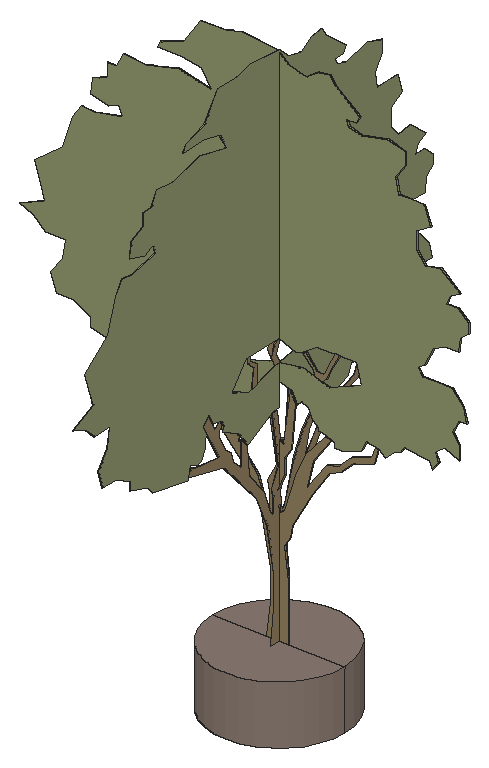
Revit family "L-PLT_아왜나무", category 수목, Revit 2019
Family settings
  OmniClass 번호 = 23.40.05.00
  OmniClass 제목 = Plants and Planting Products
  작업 기준면 기반 = 아니오
  항상 수직 = 예
  로드될 때 보이드를 사용하여 절단 = 아니오
  렌더 모양 소스 = 패밀리 형상
  공유 = 아니오
Parameters (values of type "아왜나무 3.0H X 1.5W")
  한국산업규격KS = ""
  콘 높이 = 뿌리분 직경 / 4  # 272.5 mm
  조달청표준공사코드-세부공종 = "10161599202815"
  뿌리분 직경 = (24 mm + ((R / 10) - 3 mm) * 5) * 10  # 1090 mm
  뿌리분 높이 = 뿌리분 직경 / 2  # 545 mm
  높이 = 3000 mm
  건설정보분류체계-부위분류 = "E985"
  R = 200 mm
  LIM_INFO_주의사항 = "재배포, 재가공, 판매 금지"
  LIM_INFO_제작일 = "20211210"
  LIM_INFO_버전 = "2022_V01"
  LIM_INFO_PL_학명 = "Viburnum odoratissimum var. awabuki Zabel"
  LIM_INFO_PL_품명 = "아왜나무"
  LIM_INFO_PL_주당인정수량 = 0
  LIM_INFO_PL_수목단위 = "주"
  LIM_INFO_PL_규격 = "3.0H X 1.5W"
  LIM_INFO_PL_구분 = "상록교목"
  LIM_INFO_PL_가격 = 0
  LIM_INFO_PL_Qty [instance] = 0
  LIM_INFO_PL_M2당수량 = 0
  KBIMS_식별-버전 = ""
  KBIMS_식별-bSK등록번호 = ""
  KBIMS_보급정보-저작자 = "림인포테크_MMJ"
  KBIMS_보급정보-보급코드 = ""
  H = 높이  # 3000 mm
Types (3, lengths in mm): name | 높이 | LIM_INFO_PL_규격 | H
  아왜나무 3.0H X 1.5W | 3000 | "3.0H X 1.5W" | 3000
  아왜나무 2.0H X 1.0W | 2000 | "2.0H X 1.0W" | 2000
  아왜나무 1.5H X 0.8W | 1500 | "1.5H X 0.8W" | 1500
Reference planes
  plane 1 "중심(앞/뒤)": y = 0
  plane 2: z = 0
  plane 3 "중심(왼쪽/오른쪽)": x = 0
  plane 4: x = 482.5
  plane 5: x = -607.5
  plane 6: z = -545
  plane 7: z = -817.5
  plane 8: z = 3000
  plane 9: x = -100
  plane 10: x = 100
Forms (mm)
  Revolve 1, solid, material "흙"
    sketch origin (0, 0, 0) x (1, 0, 0) y (0, 0, 1)
      loop
        line (0, 0) -> (-607.5, 0) -> (-607.5, -545) -> (0, -545) -> (0, 0)
      axis (0, 0) -> (0, -545)
    angle from 0 to 360
  Revolve 2, solid, material "흙"
    sketch origin (0, 0, 0) x (1, 0, 0) y (0, 0, 1)
      loop
        line (0, -545) -> (-607.5, -545) -> (0, -817.5) -> (0, -545)
      axis (0, -545) -> (0, -817.5)
    angle from 0 to 360
Dimensions and locks
  "뿌리분 직경": plane 4 to plane 5
  "뿌리분 높이": plane 6 to level
  "콘 높이": plane 7 to plane 6
  "H": level to plane 8
  "R": plane 9 to plane 10
  aligned and locked: level to plane 2
Automatic sketch dimensions
  Revolve 1 sketch curve to level = 0 mm  (x2)
  Revolve 1 sketch curve to plane 5 = 0 mm
  Revolve 1 sketch curve to plane 3 "중심(왼쪽/오른쪽)" = 0 mm  (x2)
  Revolve 1 sketch curve to plane 6 = 0 mm  (x2)
  Revolve 2 sketch curve to plane 5 = 0 mm
  Revolve 2 sketch curve to plane 3 "중심(왼쪽/오른쪽)" = 0 mm  (x2)
  Revolve 2 sketch curve to plane 7 = 0 mm  (x2)
  Revolve 2 sketch curve to plane 6 = 0 mm  (x2)
Nested families
  nested 1: "아왜나무_base" at (0, 0, 0), type "아왜나무_base"
Definition of nested family "아왜나무_base"
  Parameters (values of type "아왜나무_base")
    Height = 6000 mm
  Reference planes
    plane 1 "중심(앞/뒤)": y = 0
    plane 2: z = 0
    plane 3 "중심(왼쪽/오른쪽)": x = 0
  Forms (mm)
    Revolve 1, solid, detail levels coarse
      sketch origin (0, 0, 0) x (1, 0, 0) y (0, 0, 1)
        loop
          line (0, 0) -> (0, 4859.637)
          spline (0, 4859.637) -> (-612.549, 4741.539) -> (-975.679, 4502.403) -> (-1293.056, 4285.929) -> (-1570.917, 4086.591) -> (-1757.982, 3854.243) -> (-1869.968, 3576.01) -> (-1966.021, 3263.18) -> (-2076.27, 2930.001) -> (-2126.045, 2599.704) -> (-2017.649, 2297.173) -> (-1654.077, 2041.4) -> (-938.919, 1846.248)
          line (-938.919, 1846.248) -> (-100, 1846.248) -> (-100, 0) -> (0, 0)
        axis (0, 4859.637) -> (0, 0)
      angle from 0 to 360
    Extrusion 2, solid, detail levels fine
      sketch origin (0, 0, 0) x (1, 0, 0) y (0, 0, 1)
        loop
          line (-300.028, 2370.094) -> (-319.682, 2221.267) -> (-322.532, 2206.439) -> (-274.48, 2221.832) -> (-266.294, 2389.301) -> (-350.538, 2450.518) -> (-350.538, 2484.034) -> (-369.991, 2484.034) -> (-369.991, 2438.452) -> (-300.028, 2370.094)
        loop
          line (219.509, 2447.903) -> (324.046, 2341.368) -> (335.432, 2294.824) -> (400.638, 2275.172) -> (446.179, 2310.339) -> (477.23, 2385.844) -> (565.558, 2541.622) -> (526.491, 2541.622) -> (449.284, 2402.393) -> (424.444, 2335.163) -> (358.202, 2335.163) -> (251.594, 2466.521) -> (219.509, 2447.903)
        loop
          line (-49.985, 2378.137) -> (-9.962, 2484.376) -> (-58.74, 2484.376) -> (-98.324, 2368.489) -> (-59.157, 2286.898) -> (-3.418, 2294.863) -> (-49.985, 2378.137)
        loop
          line (-640.56, 1848.967) -> (-709.506, 1981.207) -> (-709.506, 2025.657) -> (-667.249, 2061.218) -> (-697.273, 2100.112) -> (-750.65, 2053.439) -> (-821.82, 2194.569) -> (-879.645, 2143.451) -> (-707.286, 1809.61) -> (-837.392, 1827.391) -> (-984.179, 1846.282) -> (-1031.995, 1867.396) -> (-1050.9, 1797.387) -> (-651.685, 1704.041) -> (-265.665, 1280.039) -> (-150.015, 1003.336) -> (-73.28, 578.048) -> (-73.28, 299.122) -> (-107.574, 0) -> (92.845, 0) -> (92.845, 515.807) -> (61.753, 806.518) -> (112.352, 887.421) -> (129.022, 991.371) -> (312.521, 1310.91) -> (473.813, 1542.55) -> (585.992, 1600.02) -> (698.17, 1703.608) -> (883.579, 1767.162) -> (918.17, 1894.648) -> (888.775, 1898.815) -> (853.593, 1807.403) -> (676.273, 1745.524) -> (568.614, 1648.487) -> (442.451, 1595.403) -> (266.538, 1361.247) -> (320.716, 1587.273) -> (488.185, 1815.1) -> (436.115, 1831.273) -> (252.853, 1615.818) -> (163.393, 1440.597) -> (55.327, 1092.98) -> (11.699, 1057.207) -> (-3.919, 1233.884) -> (58.504, 1387.383) -> (58.504, 1522.006) -> (118.088, 1613.313) -> (158.121, 2004.476) -> (108.08, 2093.377) -> (52.479, 1635.538) -> (-4.234, 1668.876) -> (-38.706, 1903.352) -> (-89.859, 1903.352) -> (-19.785, 1438.077) -> (-97.626, 1286.946) -> (-78.722, 1203.602) -> (-78.722, 1060.249) -> (-118.754, 1108.034) -> (-187.746, 1305.189) -> (-367.004, 1512.256) -> (-389.244, 1773.402) -> (-444.845, 1838.966) -> (-444.845, 1612.269) -> (-541.591, 1708.949) -> (-569.391, 1794.516) -> (-640.56, 1848.967)
      from 0 to 5
    Extrusion 3, solid, detail levels fine
      sketch origin (0, 0, 0) x (1, 0, 0) y (0, 0, 1)
        loop
          line (716.538, 2546.686) -> (354.226, 2546.686) -> (213.739, 2455.4) -> (158.937, 2433.702) -> (-0.378, 2492.762) -> (-401.234, 2492.762) -> (-563.118, 2289.903) -> (-357.551, 2189.757) -> (-77.466, 2277.064) -> (218.037, 2323.285) -> (474.996, 2246.25) -> (767.93, 2369.506) -> (716.538, 2546.686)
        loop
          line (1502.548, 2637.706) -> (1321.556, 2637.706) -> (1282.945, 2705.23) -> (1345.689, 2738.992) -> (1427.738, 2900.567) -> (1529.094, 2956.033) -> (1656.053, 2956.033) -> (1672.75, 3075.942) -> (1748.645, 3139.65) -> (1748.645, 3230.663) -> (1651.499, 3314.09) -> (1546.764, 3314.09) -> (1577.122, 3389.934) -> (1671.506, 3441.269) -> (1492.845, 3586.236) -> (1355.414, 3558.768) -> (1271.428, 3664.06) -> (1271.428, 3819.709) -> (1398.31, 3897.119) -> (1341.811, 4058.872) -> (1212.015, 4058.872) -> (1105.124, 4058.872) -> (1077.638, 4193.157) -> (1167.731, 4315.234) -> (1167.731, 4429.682) -> (1005.868, 4476.987) -> (763.073, 4425.104) -> (645.493, 4457.149) -> (628.696, 4507.506) -> (714.209, 4507.506) -> (749.33, 4570.071) -> (526.082, 4746.102) -> (471.11, 4820.874) -> (365.746, 4802.563) -> (249.693, 4727.79) -> (93.938, 4767.465) -> (-7.056, 4860.256) -> (-335.803, 4889.068) -> (-488.302, 4850.998) -> (-713.148, 4850.998) -> (-872.413, 4616.944) -> (-1083.206, 4551.409) -> (-1111.312, 4497.577) -> (-874.756, 4497.577) -> (-701.437, 4467.15) -> (-610.093, 4315.015) -> (-919.256, 4385.231) -> (-1219.255, 4306.493) -> (-1417.556, 4327.791) -> (-1481.494, 4205.558) -> (-1570.451, 4205.558) -> (-1570.451, 4089.808) -> (-1708.52, 4029.618) -> (-1724.437, 3891.17) -> (-1558.569, 3849.5) -> (-1463.125, 3891.17) -> (-1431.619, 3810.608) -> (-1692.931, 3753.196) -> (-1808.761, 3763.382) -> (-1884.745, 3650.41) -> (-1976.725, 3368.36) -> (-2239.831, 3167.02) -> (-2185.313, 2998.843) -> (-2142.648, 2868.564) -> (-2372.569, 2766.71) -> (-2244.345, 2713.386) -> (-2132.939, 2611.532) -> (-1952.795, 2611.532) -> (-1981.239, 2445.723) -> (-2087.903, 2303.601) -> (-2040.497, 2147.267) -> (-1876.945, 2147.267) -> (-1720.504, 2059.625) -> (-1720.504, 1981.458) -> (-1521.397, 1922.24) -> (-1459.497, 1852.929) -> (-1063.653, 1781.868) -> (-1035.21, 1895.565) -> (-963.444, 1856.073) -> (-917.766, 1874.704) -> (-863.699, 1956.681) -> (-863.699, 2029.343) -> (-850.648, 2063.81) -> (-887.004, 2145.787) -> (-818.021, 2212.859) -> (-765.818, 2118.772) -> (-686.582, 2107.594) -> (-639.04, 2046.111) -> (-656.752, 2001.396) -> (-481.124, 1907.162) -> (-376.205, 1776.102) -> (-92.445, 1921.46) -> (-20.909, 1921.46) -> (-20.909, 2150.218) -> (134.086, 2102.56) -> (177.007, 2002.478) -> (215.077, 2044.427) -> (280.722, 2017.25) -> (309.793, 1924.473) -> (367.936, 1879.49) -> (367.936, 1854.187) -> (431.705, 1842.941) -> (514.23, 1812.015) -> (514.23, 1767.033) -> (582.686, 1767.033) -> (767.722, 1834.695) -> (811.348, 1923.392) -> (922.67, 1903.848) -> (988.862, 1855.742) -> (1058.062, 1914.372) -> (1130.271, 1954.961) -> (1160.358, 1997.055) -> (1392.029, 1971.498) -> (1416.099, 1906.855) -> (1473.264, 1980.518) -> (1440.168, 2058.691) -> (1528.925, 2123.334) -> (1664.234, 2066.163) -> (1664.234, 2189.153) -> (1601.49, 2283.204) -> (1664.234, 2389.314) -> (1731.804, 2389.314) -> (1700.432, 2519.539) -> (1599.077, 2637.706) -> (1502.548, 2637.706)
      from 0 to 5
    Extrusion 4, solid, detail levels fine
      sketch origin (0.538, 9.462, 0) x (0, 1, 0) y (0, 0, 1)
        loop
          line (-300.028, 2370.094) -> (-319.682, 2221.267) -> (-322.532, 2206.439) -> (-274.48, 2221.832) -> (-266.294, 2389.301) -> (-350.538, 2450.518) -> (-350.538, 2484.034) -> (-369.991, 2484.034) -> (-369.991, 2438.452) -> (-300.028, 2370.094)
        loop
          line (219.509, 2447.903) -> (324.046, 2341.368) -> (335.432, 2294.824) -> (400.638, 2275.172) -> (446.179, 2310.339) -> (477.23, 2385.844) -> (565.558, 2541.622) -> (526.491, 2541.622) -> (449.284, 2402.393) -> (424.444, 2335.163) -> (358.202, 2335.163) -> (251.594, 2466.521) -> (219.509, 2447.903)
        loop
          line (-49.985, 2378.137) -> (-9.962, 2484.376) -> (-58.74, 2484.376) -> (-98.324, 2368.489) -> (-59.157, 2286.898) -> (-3.418, 2294.863) -> (-49.985, 2378.137)
        loop
          line (-640.56, 1848.967) -> (-709.506, 1981.207) -> (-709.506, 2025.657) -> (-667.249, 2061.218) -> (-697.273, 2100.112) -> (-750.65, 2053.439) -> (-821.82, 2194.569) -> (-879.645, 2143.451) -> (-707.286, 1809.61) -> (-837.392, 1827.391) -> (-984.179, 1846.282) -> (-1031.995, 1867.396) -> (-1050.9, 1797.387) -> (-651.685, 1704.041) -> (-265.665, 1280.039) -> (-150.015, 1003.336) -> (-73.28, 578.048) -> (-73.28, 299.122) -> (-107.574, 0) -> (92.845, 0) -> (92.845, 515.807) -> (61.753, 806.518) -> (112.352, 887.421) -> (129.022, 991.371) -> (312.521, 1310.91) -> (473.813, 1542.55) -> (585.992, 1600.02) -> (698.17, 1703.608) -> (883.579, 1767.162) -> (918.17, 1894.648) -> (888.775, 1898.815) -> (853.593, 1807.403) -> (676.273, 1745.524) -> (568.614, 1648.487) -> (442.451, 1595.403) -> (266.538, 1361.247) -> (320.716, 1587.273) -> (488.185, 1815.1) -> (436.115, 1831.273) -> (252.853, 1615.818) -> (163.393, 1440.597) -> (55.327, 1092.98) -> (11.699, 1057.207) -> (-3.919, 1233.884) -> (58.504, 1387.383) -> (58.504, 1522.006) -> (118.088, 1613.313) -> (158.121, 2004.476) -> (108.08, 2093.377) -> (52.479, 1635.538) -> (-4.234, 1668.876) -> (-38.706, 1903.352) -> (-89.859, 1903.352) -> (-19.785, 1438.077) -> (-97.626, 1286.946) -> (-78.722, 1203.602) -> (-78.722, 1060.249) -> (-118.754, 1108.034) -> (-187.746, 1305.189) -> (-367.004, 1512.256) -> (-389.244, 1773.402) -> (-444.845, 1838.966) -> (-444.845, 1612.269) -> (-541.591, 1708.949) -> (-569.391, 1794.516) -> (-640.56, 1848.967)
      from 0 to 5
    Extrusion 5, solid, detail levels fine
      sketch origin (0.538, 9.462, 0) x (0, 1, 0) y (0, 0, 1)
        loop
          line (716.538, 2546.686) -> (354.226, 2546.686) -> (213.739, 2455.4) -> (158.937, 2433.702) -> (-0.378, 2492.762) -> (-401.234, 2492.762) -> (-563.118, 2289.903) -> (-357.551, 2189.757) -> (-77.466, 2277.064) -> (218.037, 2323.285) -> (474.996, 2246.25) -> (767.93, 2369.506) -> (716.538, 2546.686)
        loop
          line (1502.548, 2637.706) -> (1321.556, 2637.706) -> (1282.945, 2705.23) -> (1345.689, 2738.992) -> (1427.738, 2900.567) -> (1529.094, 2956.033) -> (1656.053, 2956.033) -> (1672.75, 3075.942) -> (1748.645, 3139.65) -> (1748.645, 3230.663) -> (1651.499, 3314.09) -> (1546.764, 3314.09) -> (1577.122, 3389.934) -> (1671.506, 3441.269) -> (1492.845, 3586.236) -> (1355.414, 3558.768) -> (1271.428, 3664.06) -> (1271.428, 3819.709) -> (1398.31, 3897.119) -> (1341.811, 4058.872) -> (1212.015, 4058.872) -> (1105.124, 4058.872) -> (1077.638, 4193.157) -> (1167.731, 4315.234) -> (1167.731, 4429.682) -> (1005.868, 4476.987) -> (763.073, 4425.104) -> (645.493, 4457.149) -> (628.696, 4507.506) -> (714.209, 4507.506) -> (749.33, 4570.071) -> (526.082, 4746.102) -> (471.11, 4820.874) -> (365.746, 4802.563) -> (249.693, 4727.79) -> (93.938, 4767.465) -> (-7.056, 4860.256) -> (-335.803, 4889.068) -> (-488.302, 4850.998) -> (-713.148, 4850.998) -> (-872.413, 4616.944) -> (-1083.206, 4551.409) -> (-1111.312, 4497.577) -> (-874.756, 4497.577) -> (-701.437, 4467.15) -> (-610.093, 4315.015) -> (-919.256, 4385.231) -> (-1219.255, 4306.493) -> (-1417.556, 4327.791) -> (-1481.494, 4205.558) -> (-1570.451, 4205.558) -> (-1570.451, 4089.808) -> (-1708.52, 4029.618) -> (-1724.437, 3891.17) -> (-1558.569, 3849.5) -> (-1463.125, 3891.17) -> (-1431.619, 3810.608) -> (-1692.931, 3753.196) -> (-1808.761, 3763.382) -> (-1884.745, 3650.41) -> (-1976.725, 3368.36) -> (-2239.831, 3167.02) -> (-2185.313, 2998.843) -> (-2142.648, 2868.564) -> (-2372.569, 2766.71) -> (-2244.345, 2713.386) -> (-2132.939, 2611.532) -> (-1952.795, 2611.532) -> (-1981.239, 2445.723) -> (-2087.903, 2303.601) -> (-2040.497, 2147.267) -> (-1876.945, 2147.267) -> (-1720.504, 2059.625) -> (-1720.504, 1981.458) -> (-1521.397, 1922.24) -> (-1459.497, 1852.929) -> (-1063.653, 1781.868) -> (-1035.21, 1895.565) -> (-963.444, 1856.073) -> (-917.766, 1874.704) -> (-863.699, 1956.681) -> (-863.699, 2029.343) -> (-850.648, 2063.81) -> (-887.004, 2145.787) -> (-818.021, 2212.859) -> (-765.818, 2118.772) -> (-686.582, 2107.594) -> (-639.04, 2046.111) -> (-656.752, 2001.396) -> (-481.124, 1907.162) -> (-376.205, 1776.102) -> (-92.445, 1921.46) -> (-20.909, 1921.46) -> (-20.909, 2150.218) -> (134.086, 2102.56) -> (177.007, 2002.478) -> (215.077, 2044.427) -> (280.722, 2017.25) -> (309.793, 1924.473) -> (367.936, 1879.49) -> (367.936, 1854.187) -> (431.705, 1842.941) -> (514.23, 1812.015) -> (514.23, 1767.033) -> (582.686, 1767.033) -> (767.722, 1834.695) -> (811.348, 1923.392) -> (922.67, 1903.848) -> (988.862, 1855.742) -> (1058.062, 1914.372) -> (1130.271, 1954.961) -> (1160.358, 1997.055) -> (1392.029, 1971.498) -> (1416.099, 1906.855) -> (1473.264, 1980.518) -> (1440.168, 2058.691) -> (1528.925, 2123.334) -> (1664.234, 2066.163) -> (1664.234, 2189.153) -> (1601.49, 2283.204) -> (1664.234, 2389.314) -> (1731.804, 2389.314) -> (1700.432, 2519.539) -> (1599.077, 2637.706) -> (1502.548, 2637.706)
      from 0 to 5
  Lines and regions (mm)
    symbolic lines
      curve 1: line (889.53, -393.849, 0) -> (782.244, -485.835, 0)
      curve 2: line (749.225, 1467.858, 0) -> (824.325, 1375.872, 0)
      curve 3: line (835.054, 1467.858, 0) -> (727.768, 1375.872, 0)
      curve 4: line (-1439.833, -417.063, 0) -> (-1547.119, -509.05, 0)
      curve 5: line (-1439.833, -635.605, 0) -> (-1547.119, -727.592, 0)
      curve 6: line (-1525.662, -417.063, 0) -> (-1450.562, -509.05, 0)
      curve 7: line (-1525.662, -635.605, 0) -> (-1450.562, -727.592, 0)
      curve 8: line (-1492.711, -93.956, 0) -> (-1417.61, -185.942, 0)
      curve 9: line (-1406.882, -93.956, 0) -> (-1514.168, -185.942, 0)
      curve 10: line (-1470.892, 494.925, 0) -> (-1395.792, 402.938, 0)
      curve 11: line (-1385.063, 494.925, 0) -> (-1492.349, 402.938, 0)
      curve 12: line (-1535.22, 661.986, 0) -> (-1460.12, 569.999, 0)
      curve 13: line (-1449.391, 661.986, 0) -> (-1556.677, 569.999, 0)
      curve 14: line (-1455.974, 91.433, 0) -> (-1563.26, -0.554, 0)
      curve 15: line (-1611.687, -266.816, 0) -> (-1536.587, -358.803, 0)
      curve 16: line (-1525.858, -266.816, 0) -> (-1633.144, -358.803, 0)
      curve 17: line (-1630.804, -48.274, 0) -> (-1555.703, -140.261, 0)
      curve 18: line (-1544.975, -48.274, 0) -> (-1652.261, -140.261, 0)
      curve 19: line (-1592.57, 306.856, 0) -> (-1517.47, 214.869, 0)
      curve 20: line (-1506.742, 306.856, 0) -> (-1614.027, 214.869, 0)
      curve 21: line (-1541.803, 91.433, 0) -> (-1466.703, -0.554, 0)
      curve 22: line (-729.058, 1203.763, 0) -> (-653.958, 1111.776, 0)
      curve 23: line (-643.23, 1203.763, 0) -> (-750.515, 1111.776, 0)
      curve 24: line (541.877, 1220.121, 0) -> (616.977, 1128.134, 0)
      curve 25: line (627.706, 1220.121, 0) -> (520.42, 1128.134, 0)
      curve 26: line (361.873, 1241.931, 0) -> (436.974, 1149.944, 0)
      curve 27: line (447.702, 1241.931, 0) -> (340.416, 1149.944, 0)
      curve 28: line (-827.902, -1222.936, 0) -> (-752.802, -1314.922, 0)
      curve 29: line (-742.074, -1222.936, 0) -> (-849.36, -1314.922, 0)
      curve 30: line (-854.515, 1149.237, 0) -> (-779.415, 1057.25, 0)
      curve 31: line (-768.687, 1149.237, 0) -> (-875.973, 1057.25, 0)
      curve 32: line (-1410.891, -252.081, 0) -> (-1335.791, -344.068, 0)
      curve 33: line (-1325.062, -252.081, 0) -> (-1432.348, -344.068, 0)
      curve 34: line (-1344.25, -813.17, 0) -> (-1451.535, -905.157, 0)
      curve 35: line (-876.334, -726.457, 0) -> (-801.234, -818.444, 0)
      curve 36: line (-790.506, -726.457, 0) -> (-897.791, -818.444, 0)
      curve 37: line (-1389.072, -677.384, 0) -> (-1313.972, -769.37, 0)
      curve 38: line (-1303.244, -677.384, 0) -> (-1410.529, -769.37, 0)
      curve 39: line (-894.811, -1359.524, 0) -> (-819.711, -1451.511, 0)
      curve 40: line (-808.982, -1359.524, 0) -> (-916.268, -1451.511, 0)
      curve 41: line (-1038.186, -1277.571, 0) -> (-963.086, -1369.558, 0)
      curve 42: line (-952.357, -1277.571, 0) -> (-1059.643, -1369.558, 0)
      curve 43: line (-1210.236, -1100.006, 0) -> (-1135.136, -1191.993, 0)
      curve 44: line (-1124.408, -1100.006, 0) -> (-1231.693, -1191.993, 0)
      curve 45: line (-894.811, -1086.347, 0) -> (-819.711, -1178.334, 0)
      curve 46: line (-808.982, -1086.347, 0) -> (-916.268, -1178.334, 0)
      curve 47: line (-1028.628, -949.759, 0) -> (-953.528, -1041.745, 0)
      curve 48: line (-942.799, -949.759, 0) -> (-1050.085, -1041.745, 0)
      curve 49: line (-1105.43, -802.793, 0) -> (-1030.33, -894.78, 0)
      curve 50: line (-1019.601, -802.793, 0) -> (-1126.887, -894.78, 0)
      curve 51: line (-990.882, -982.729, 0) -> (-915.782, -1074.716, 0)
      curve 52: line (-905.053, -982.729, 0) -> (-1012.339, -1074.716, 0)
      curve 53: line (-1247.251, -780.983, 0) -> (-1172.151, -872.97, 0)
      curve 54: line (-1161.422, -780.983, 0) -> (-1268.708, -872.97, 0)
      curve 55: line (-1315.378, -977.076, 0) -> (-1240.278, -1069.063, 0)
      curve 56: line (-1229.549, -977.076, 0) -> (-1336.835, -1069.063, 0)
      curve 57: line (-1430.078, -813.17, 0) -> (-1354.978, -905.157, 0)
      curve 58: line (-947.245, -551.974, 0) -> (-872.145, -643.961, 0)
      curve 59: line (-861.416, -551.974, 0) -> (-968.702, -643.961, 0)
      curve 60: line (-1382.287, -430.722, 0) -> (-1307.186, -522.709, 0)
      curve 61: line (-1296.458, -430.722, 0) -> (-1403.744, -522.709, 0)
      curve 62: line (-1219.978, -372.038, 0) -> (-1144.878, -464.025, 0)
      curve 63: line (-1134.149, -372.038, 0) -> (-1241.435, -464.025, 0)
      curve 64: line (-1301.798, -481.09, 0) -> (-1226.697, -573.077, 0)
      curve 65: line (-1215.969, -481.09, 0) -> (-1323.255, -573.077, 0)
      curve 66: line (-1286.703, 921.504, 0) -> (-1211.603, 829.518, 0)
      curve 67: line (-1200.874, 921.504, 0) -> (-1308.16, 829.518, 0)
      curve 68: line (-1198.159, -132.124, 0) -> (-1123.059, -224.11, 0)
      curve 69: line (-1112.331, -132.124, 0) -> (-1219.616, -224.11, 0)
      curve 70: line (-1305.82, 552.715, 0) -> (-1230.72, 460.729, 0)
      curve 71: line (-1219.991, 552.715, 0) -> (-1327.277, 460.729, 0)
      curve 72: line (-1172.003, 771.257, 0) -> (-1096.903, 679.27, 0)
      curve 73: line (-1086.174, 771.257, 0) -> (-1193.46, 679.27, 0)
      curve 74: line (-909.062, 822.081, 0) -> (-833.962, 730.094, 0)
      curve 75: line (-823.234, 822.081, 0) -> (-930.519, 730.094, 0)
      curve 76: line (-1181.561, 1140.046, 0) -> (-1106.461, 1048.059, 0)
      curve 77: line (-1095.733, 1140.046, 0) -> (-1203.018, 1048.059, 0)
      curve 78: line (-205.411, -731.91, 0) -> (-130.311, -823.896, 0)
      curve 79: line (-119.582, -731.91, 0) -> (-226.868, -823.896, 0)
      curve 80: line (-239.585, -1124.497, 0) -> (-346.871, -1216.484, 0)
      curve 81: line (-239.585, -1326.243, 0) -> (-346.871, -1418.23, 0)
      curve 82: line (-636.735, -1291.23, 0) -> (-561.635, -1383.217, 0)
      curve 83: line (-550.907, -1291.23, 0) -> (-658.193, -1383.217, 0)
      curve 84: line (-703.644, -1113.665, 0) -> (-628.544, -1205.652, 0)
      curve 85: line (-617.815, -1113.665, 0) -> (-725.101, -1205.652, 0)
      curve 86: line (-325.414, -1124.497, 0) -> (-250.313, -1216.484, 0)
      curve 87: line (285.508, -1053.613, 0) -> (360.608, -1145.6, 0)
      curve 88: line (371.337, -1053.613, 0) -> (264.051, -1145.6, 0)
      curve 89: line (7.321, -966.371, 0) -> (82.421, -1058.358, 0)
      curve 90: line (93.149, -966.371, 0) -> (-14.136, -1058.358, 0)
      curve 91: line (149.142, -1309.885, 0) -> (224.242, -1401.872, 0)
      curve 92: line (234.97, -1309.885, 0) -> (127.685, -1401.872, 0)
      curve 93: line (-325.414, -1326.243, 0) -> (-250.313, -1418.23, 0)
      curve 94: line (661.88, -1266.264, 0) -> (736.98, -1358.251, 0)
      curve 95: line (747.709, -1266.264, 0) -> (640.423, -1358.251, 0)
      curve 96: line (449.148, -1331.696, 0) -> (524.248, -1423.682, 0)
      curve 97: line (534.977, -1331.696, 0) -> (427.691, -1423.682, 0)
      curve 98: line (-734.513, 805.723, 0) -> (-659.413, 713.737, 0)
      curve 99: line (-648.684, 805.723, 0) -> (-755.97, 713.737, 0)
      curve 100: line (-750.877, 947.491, 0) -> (-675.777, 855.504, 0)
      curve 101: line (-665.048, 947.491, 0) -> (-772.334, 855.504, 0)
      curve 102: line (-674.512, 1040.185, 0) -> (-599.412, 948.198, 0)
      curve 103: line (-588.683, 1040.185, 0) -> (-695.969, 948.198, 0)
      curve 104: line (-298.14, 1132.879, 0) -> (-223.04, 1040.892, 0)
      curve 105: line (-212.312, 1132.879, 0) -> (-319.597, 1040.892, 0)
      curve 106: line (-183.592, 1002.017, 0) -> (-108.492, 910.03, 0)
      curve 107: line (-97.764, 1002.017, 0) -> (-205.049, 910.03, 0)
      curve 108: line (165.506, 1061.995, 0) -> (240.606, 970.009, 0)
      curve 109: line (251.335, 1061.995, 0) -> (144.049, 970.009, 0)
      curve 110: line (258.235, 1132.879, 0) -> (333.335, 1040.892, 0)
      curve 111: line (344.064, 1132.879, 0) -> (236.778, 1040.892, 0)
      curve 112: line (-288.677, 882.06, 0) -> (-395.963, 790.073, 0)
      curve 113: line (-374.505, 882.06, 0) -> (-299.405, 790.073, 0)
      curve 114: line (349.519, 865.702, 0) -> (242.233, 773.715, 0)
      curve 115: line (263.69, 865.702, 0) -> (338.79, 773.715, 0)
      curve 116: line (667.335, 636.693, 0) -> (742.435, 544.706, 0)
      curve 117: line (753.163, 636.693, 0) -> (645.877, 544.706, 0)
      curve 118: line (-789.669, 1481.517, 0) -> (-714.569, 1389.531, 0)
      curve 119: line (-703.84, 1481.517, 0) -> (-811.126, 1389.531, 0)
      curve 120: line (-930.881, 1296.457, 0) -> (-855.781, 1204.47, 0)
      curve 121: line (-845.052, 1296.457, 0) -> (-952.338, 1204.47, 0)
      curve 122: line (513.158, 1361.888, 0) -> (405.872, 1269.902, 0)
      curve 123: line (-245.04, 1645.424, 0) -> (-352.325, 1553.437, 0)
      curve 124: line (-579.385, 1467.858, 0) -> (-504.285, 1375.872, 0)
      curve 125: line (-493.557, 1467.858, 0) -> (-600.842, 1375.872, 0)
      curve 126: line (-472.689, 1329.173, 0) -> (-397.589, 1237.186, 0)
      curve 127: line (-386.861, 1329.173, 0) -> (-494.146, 1237.186, 0)
      curve 128: line (-330.868, 1645.424, 0) -> (-255.768, 1553.437, 0)
      curve 129: line (299.983, 1549.812, 0) -> (375.083, 1457.825, 0)
      curve 130: line (385.811, 1549.812, 0) -> (278.526, 1457.825, 0)
      curve 131: line (-187.94, 1508.706, 0) -> (-112.84, 1416.719, 0)
      curve 132: line (-102.111, 1508.706, 0) -> (-209.397, 1416.719, 0)
      curve 133: line (-232.684, 1383.699, 0) -> (-157.584, 1291.712, 0)
      curve 134: line (-146.856, 1383.699, 0) -> (-254.142, 1291.712, 0)
      curve 135: line (-63.59, 1421.867, 0) -> (11.51, 1329.88, 0)
      curve 136: line (22.239, 1421.867, 0) -> (-85.047, 1329.88, 0)
      curve 137: line (203.688, 1405.509, 0) -> (278.788, 1313.522, 0)
      curve 138: line (289.517, 1405.509, 0) -> (182.231, 1313.522, 0)
      curve 139: line (83.686, 1596.35, 0) -> (158.786, 1504.363, 0)
      curve 140: line (169.515, 1596.35, 0) -> (62.229, 1504.363, 0)
      curve 141: line (601.879, 1296.457, 0) -> (676.979, 1204.47, 0)
      curve 142: line (687.707, 1296.457, 0) -> (580.421, 1204.47, 0)
      curve 143: line (427.329, 1361.888, 0) -> (502.429, 1269.902, 0)
      curve 144: line (476.421, 1530.919, 0) -> (551.522, 1438.932, 0)
      curve 145: line (562.25, 1530.919, 0) -> (454.964, 1438.932, 0)
      curve 146: line (1545.535, -628.31, 0) -> (1620.635, -720.297, 0)
      curve 147: line (1631.363, -628.31, 0) -> (1524.077, -720.297, 0)
      curve 148: line (1571.243, -471.699, 0) -> (1646.343, -563.685, 0)
      curve 149: line (1657.072, -471.699, 0) -> (1549.786, -563.685, 0)
      curve 150: line (1580.801, 621.01, 0) -> (1655.901, 529.023, 0)
      curve 151: line (1666.63, 621.01, 0) -> (1559.344, 529.023, 0)
      curve 152: line (1571.243, -143.886, 0) -> (1646.343, -235.873, 0)
      curve 153: line (1657.072, -143.886, 0) -> (1549.786, -235.873, 0)
      curve 154: line (921.275, 1194.681, 0) -> (996.375, 1102.695, 0)
      curve 155: line (1007.104, 1194.681, 0) -> (899.818, 1102.695, 0)
      curve 156: line (1466.101, -253.157, 0) -> (1541.201, -345.144, 0)
      curve 157: line (1551.93, -253.157, 0) -> (1444.644, -345.144, 0)
      curve 158: line (1114.617, -268.439, 0) -> (1190.375, -361.232, 0)
      curve 159: line (1200.445, -268.439, 0) -> (1093.159, -360.426, 0)
      curve 160: line (1223.71, -688.289, 0) -> (1298.81, -780.276, 0)
      curve 161: line (1309.539, -688.289, 0) -> (1202.253, -780.276, 0)
      curve 162: line (1016.433, -726.457, 0) -> (1091.533, -818.444, 0)
      curve 163: line (1102.261, -726.457, 0) -> (994.976, -818.444, 0)
      curve 164: line (1494.776, -785.852, 0) -> (1569.876, -877.839, 0)
      curve 165: line (1580.605, -785.852, 0) -> (1473.319, -877.839, 0)
      curve 166: line (1236.701, -1113.665, 0) -> (1311.801, -1205.652, 0)
      curve 167: line (1322.529, -1113.665, 0) -> (1215.244, -1205.652, 0)
      curve 168: line (1360.959, -949.759, 0) -> (1436.059, -1041.745, 0)
      curve 169: line (1446.788, -949.759, 0) -> (1339.502, -1041.745, 0)
      curve 170: line (1141.117, -990.735, 0) -> (1216.217, -1082.722, 0)
      curve 171: line (1226.946, -990.735, 0) -> (1119.66, -1082.722, 0)
      curve 172: line (997.742, -1045.371, 0) -> (1072.842, -1137.357, 0)
      curve 173: line (1083.571, -1045.371, 0) -> (976.285, -1137.357, 0)
      curve 174: line (983.705, -960.919, 0) -> (1058.805, -1052.906, 0)
      curve 175: line (1069.533, -960.919, 0) -> (962.248, -1052.906, 0)
      curve 176: line (1074.209, -1263.912, 0) -> (1149.309, -1355.899, 0)
      curve 177: line (1160.038, -1263.912, 0) -> (1052.752, -1355.899, 0)
      curve 178: line (978.625, -1195.618, 0) -> (1053.726, -1287.605, 0)
      curve 179: line (1064.454, -1195.618, 0) -> (957.168, -1287.605, 0)
      curve 180: line (825.52, -1304.433, 0) -> (900.62, -1396.419, 0)
      curve 181: line (911.348, -1304.433, 0) -> (804.062, -1396.419, 0)
      curve 182: line (1265.376, -840.488, 0) -> (1340.476, -932.474, 0)
      curve 183: line (1351.205, -840.488, 0) -> (1243.919, -932.474, 0)
      curve 184: line (907.339, -857.32, 0) -> (982.44, -949.306, 0)
      curve 185: line (993.168, -857.32, 0) -> (885.882, -949.306, 0)
      curve 186: line (803.701, -393.849, 0) -> (878.801, -485.835, 0)
      curve 187: line (1403.714, -350.228, 0) -> (1478.814, -442.214, 0)
      curve 188: line (1489.542, -350.228, 0) -> (1382.256, -442.214, 0)
      curve 189: line (1212.801, -519.258, 0) -> (1287.901, -611.245, 0)
      curve 190: line (1298.629, -519.258, 0) -> (1191.343, -611.245, 0)
      curve 191: line (1365.531, -551.974, 0) -> (1440.631, -643.961, 0)
      curve 192: line (1451.36, -551.974, 0) -> (1344.074, -643.961, 0)
      curve 193: line (1005.523, -470.185, 0) -> (1080.623, -562.172, 0)
      curve 194: line (1091.352, -470.185, 0) -> (984.066, -562.172, 0)
      curve 195: line (1408.751, 907.845, 0) -> (1483.851, 815.859, 0)
      curve 196: line (1494.58, 907.845, 0) -> (1387.294, 815.859, 0)
      curve 197: line (1163.708, 865.702, 0) -> (1238.809, 773.715, 0)
      curve 198: line (1249.537, 865.702, 0) -> (1142.251, 773.715, 0)
      curve 199: line (923.704, 778.46, 0) -> (998.804, 686.474, 0)
      curve 200: line (1009.532, 778.46, 0) -> (902.246, 686.474, 0)
      curve 201: line (1223.71, 740.292, 0) -> (1298.81, 648.305, 0)
      curve 202: line (1309.539, 740.292, 0) -> (1202.253, 648.305, 0)
      curve 203: line (1087.343, 680.314, 0) -> (1162.443, 588.327, 0)
      curve 204: line (1173.172, 680.314, 0) -> (1065.886, 588.327, 0)
      curve 205: line (1212.801, 571.261, 0) -> (1287.901, 479.275, 0)
      curve 206: line (1298.629, 571.261, 0) -> (1191.343, 479.275, 0)
      curve 207: line (1376.44, 571.261, 0) -> (1451.54, 479.275, 0)
      curve 208: line (1462.269, 571.261, 0) -> (1354.983, 479.275, 0)
      curve 209: line (1387.349, 445.852, 0) -> (1462.45, 353.865, 0)
      curve 210: line (1473.178, 445.852, 0) -> (1365.892, 353.865, 0)
      curve 211: line (1060.07, 440.399, 0) -> (1135.17, 348.412, 0)
      curve 212: line (1145.899, 440.399, 0) -> (1038.613, 348.412, 0)
      curve 213: line (1229.164, 336.8, 0) -> (1304.264, 244.813, 0)
      curve 214: line (1314.993, 336.8, 0) -> (1207.707, 244.813, 0)
      curve 215: line (1294.62, 36.907, 0) -> (1369.72, -55.08, 0)
      curve 216: line (1380.449, 36.907, 0) -> (1273.163, -55.08, 0)
      curve 217: line (1403.714, 707.577, 0) -> (1478.814, 615.59, 0)
      curve 218: line (1489.542, 707.577, 0) -> (1382.256, 615.59, 0)
      curve 219: line (1480.079, 227.748, 0) -> (1555.179, 135.761, 0)
      curve 220: line (1565.907, 227.748, 0) -> (1458.622, 135.761, 0)
      curve 221: line (1452.805, 42.359, 0) -> (1527.906, -49.627, 0)
      curve 222: line (1538.634, 42.359, 0) -> (1431.348, -49.627, 0)
      curve 223: line (901.885, -88.503, 0) -> (976.985, -180.49, 0)
      curve 224: line (987.714, -88.503, 0) -> (880.428, -180.49, 0)
      curve 225: line (1255.818, 1085.411, 0) -> (1330.918, 993.424, 0)
      curve 226: line (1341.646, 1085.411, 0) -> (1234.36, 993.424, 0)
      curve 227: line (1055.092, 1085.411, 0) -> (1130.192, 993.424, 0)
      curve 228: line (1140.921, 1085.411, 0) -> (1033.635, 993.424, 0)
      curve 229: line (1070.979, 1301.91, 0) -> (1146.079, 1209.923, 0)
      curve 230: line (1156.808, 1301.91, 0) -> (1049.522, 1209.923, 0)
      curve 231: line (1660.083, -224.818, 0) -> (1735.183, -316.805, 0)
      curve 232: line (1745.911, -224.818, 0) -> (1638.625, -316.805, 0)
      curve 233: line (1647.71, 306.856, 0) -> (1722.81, 214.869, 0)
      curve 234: line (1733.538, 306.856, 0) -> (1626.253, 214.869, 0)
      curve 235: line (1657.268, 47.338, 0) -> (1732.368, -44.649, 0)
      curve 236: line (1743.097, 47.338, 0) -> (1635.811, -44.649, 0)
      curve 237: line (730.108, -1482.454, 0) -> (805.208, -1574.441, 0)
      curve 238: line (815.937, -1482.454, 0) -> (708.651, -1574.441, 0)
      curve 239: line (-665.41, -1496.113, 0) -> (-590.31, -1588.099, 0)
      curve 240: line (-579.582, -1496.113, 0) -> (-686.868, -1588.099, 0)
      curve 241: line (-483.802, -1564.407, 0) -> (-408.702, -1656.394, 0)
      curve 242: line (-397.973, -1564.407, 0) -> (-505.259, -1656.394, 0)
      curve 243: line (147.049, -1660.019, 0) -> (222.149, -1752.006, 0)
      curve 244: line (232.878, -1660.019, 0) -> (125.592, -1752.006, 0)
      curve 245: line (242.633, -1578.066, 0) -> (317.733, -1670.053, 0)
      curve 246: line (328.461, -1578.066, 0) -> (221.175, -1670.053, 0)
      curve 247: line (-53.676, -1646.36, 0) -> (21.424, -1738.347, 0)
      curve 248: line (32.153, -1646.36, 0) -> (-75.133, -1738.347, 0)
      curve 249: line (-263.96, -1632.701, 0) -> (-188.86, -1724.688, 0)
      curve 250: line (-178.131, -1632.701, 0) -> (-285.417, -1724.688, 0)
      curve 251: line (-158.818, -1509.772, 0) -> (-83.718, -1601.758, 0)
      curve 252: line (-72.989, -1509.772, 0) -> (-180.275, -1601.758, 0)
      curve 253: line (510.266, -1550.748, 0) -> (585.366, -1642.735, 0)
      curve 254: line (596.095, -1550.748, 0) -> (488.809, -1642.735, 0)
      curve 255: line (-418.143, -1435.295, 0) -> (-343.043, -1527.282, 0)
      curve 256: line (-332.314, -1435.295, 0) -> (-439.6, -1527.282, 0)
      curve 257: line (290.963, -1386.222, 0) -> (366.063, -1478.208, 0)
      curve 258: line (376.792, -1386.222, 0) -> (269.506, -1478.208, 0)
      curve 259: line (13.232, -1441.477, 0) -> (88.332, -1533.464, 0)
      curve 260: line (99.061, -1441.477, 0) -> (-8.225, -1533.464, 0)
      curve 261: line (-90.863, -1386.222, 0) -> (-15.763, -1478.208, 0)
      curve 262: line (-5.034, -1386.222, 0) -> (-112.32, -1478.208, 0)
      curve 263: line (596.291, -1386.842, 0) -> (671.392, -1478.829, 0)
      curve 264: line (682.12, -1386.842, 0) -> (574.834, -1478.829, 0)
      curve 265: line (921.275, -1386.842, 0) -> (996.375, -1478.829, 0)
      curve 266: line (1007.104, -1386.842, 0) -> (899.818, -1478.829, 0)
      curve 267: line (1042.196, -770.722, 0) -> (616.18, -98.319, 0)
      curve 268: line (616.18, -98.319, 0) -> (-7.307, -14.608, 0)
      curve 269: line (-7.307, -14.608, 0) -> (-750.118, -297.742, 0)
      curve 270: line (-750.118, -297.742, 0) -> (-1083.572, -849.457, 0)
      curve 271: line (705.868, 574.084, 0) -> (1075.829, 405.983, 0)
      curve 272: line (1075.829, 405.983, 0) -> (1400.567, 383.595, 0)
      curve 273: line (643.887, -143.886, 0) -> (963.72, -165.56, 0)
      curve 274: line (296.237, 834.424, 0) -> (204.25, 1006.835, 0)
      curve 275: line (204.25, 1006.835, 0) -> (221.498, 1380.392, 0)
      curve 276: line (-324.677, 822.93, 0) -> (-134.953, 955.112, 0)
      curve 277: line (-134.953, 955.112, 0) -> (-42.966, 1386.139, 0)
      curve 278: line (-370.383, 630.117, 0) -> (-191.008, 1336.14, 0)
      curve 279: line (-260.48, 1062.697, 0) -> (-433.912, 1282.692, 0)
      curve 280: line (-744.369, 891.894, 0) -> (-652.382, 978.1, 0)
      curve 281: line (-652.382, 978.1, 0) -> (-709.873, 1173.499, 0)
      curve 282: line (1103.361, 628.167, 0) -> (306.895, 547.82, 0)
      curve 283: line (306.895, 547.82, 0) -> (314.202, 1051.814, 0)
      curve 284: line (314.202, 1051.814, 0) -> (492.86, 1302.52, 0)
      curve 285: line (-1089.321, 794.195, 0) -> (-716.089, 788.861, 0)
      curve 286: line (-716.089, 788.861, 0) -> (-807.61, 1093.04, 0)
      curve 287: line (-750.118, -297.742, 0) -> (-1175.559, -412.682, 0)
      curve 288: line (-962.839, -349.465, 0) -> (-1187.058, -234.524, 0)
      curve 289: line (-1187.058, -234.524, 0) -> (-1348.035, -280.5, 0)
      curve 290: line (-905.346, -562.105, 0) -> (-830.607, -763.251, 0)
      curve 291: line (-830.607, -763.251, 0) -> (-962.839, -1027.615, 0)
      curve 292: line (-1164.061, -406.935, 0) -> (-1267.546, -539.117, 0)
      curve 293: line (-859.353, 788.448, 0) -> (-974.337, 707.989, 0)
      curve 294: line (-974.337, 707.989, 0) -> (-1175.559, 656.266, 0)
      curve 295: line (-323.179, -135.008, 0) -> (-186.696, -768.998, 0)
      curve 296: line (-186.696, -768.998, 0) -> (181.253, -1194.278, 0)
      curve 297: line (-2.721, -964.397, 0) -> (336.482, -1085.085, 0)
      curve 298: line (336.482, -1085.085, 0) -> (652.688, -1320.713, 0)
      curve 299: line (181.253, -1188.532, 0) -> (485.961, -1366.69, 0)
      curve 300: line (-186.696, -780.492, 0) -> (-324.677, -1188.532, 0)
      curve 301: line (-324.677, -1188.532, 0) -> (-307.429, -1412.666, 0)
      curve 302: line (-330.426, -1188.532, 0) -> (-152.201, -1337.954, 0)
      curve 303: line (-152.201, -1337.954, 0) -> (-106.207, -1447.148, 0)
      curve 304: line (169.755, -1188.532, 0) -> (187.002, -1337.954, 0)
      curve 305: line (187.002, -1337.954, 0) -> (273.241, -1435.654, 0)
      curve 306: line (7.307, -36.521, 0) -> (-387.272, 642.775, 0)
      curve 307: line (-387.272, 642.775, 0) -> (-716.089, 788.861, 0)
      curve 308: line (0, 0, 0) -> (306.895, 547.82, 0)
      curve 309: line (388.224, 1179.246, 0) -> (549.202, 1179.246, 0)
      curve 310: line (549.202, 1179.246, 0) -> (623.942, 1259.704, 0)
      curve 311: line (957.396, -159.813, 0) -> (1141.37, -286.247, 0)
      curve 312: line (1141.37, -286.247, 0) -> (1440.329, -412.682, 0)
      curve 313: line (1158.618, -297.742, 0) -> (1279.351, -539.117, 0)
      curve 314: line (1279.351, -539.117, 0) -> (1354.091, -585.093, 0)
      curve 315: line (865.408, -481.646, 0) -> (1032.135, -516.129, 0)
      curve 316: line (1032.135, -516.129, 0) -> (1290.85, -763.251, 0)
      curve 317: line (1032.135, -763.251, 0) -> (1003.389, -924.168, 0)
      curve 318: line (1003.389, -924.168, 0) -> (1078.129, -1039.109, 0)
      curve 319: line (1032.135, -768.998, 0) -> (1152.869, -947.156, 0)
      curve 320: line (871.158, 610.29, 0) -> (957.396, 748.219, 0)
      curve 321: line (957.396, 748.219, 0) -> (1193.113, 828.677, 0)
      curve 322: line (1095.377, 616.037, 0) -> (1267.853, 702.242, 0)
      curve 323: line (1095.377, 621.784, 0) -> (1239.107, 541.325, 0)
      curve 324: line (1239.107, 541.325, 0) -> (1359.84, 535.578, 0)
      curve 325: line (1233.357, 391.902, 0) -> (1325.345, 259.721, 0)
      curve 326: line (1325.345, 259.721, 0) -> (1480.573, 196.503, 0)
      curve 327: line (944.366, -161.094, 0) -> (1311.259, -8.666, 0)
      curve 328: line (1311.259, -8.666, 0) -> (1513.056, -8.666, 0)
  Dimensions and locks
    aligned and locked: level to plane 2
